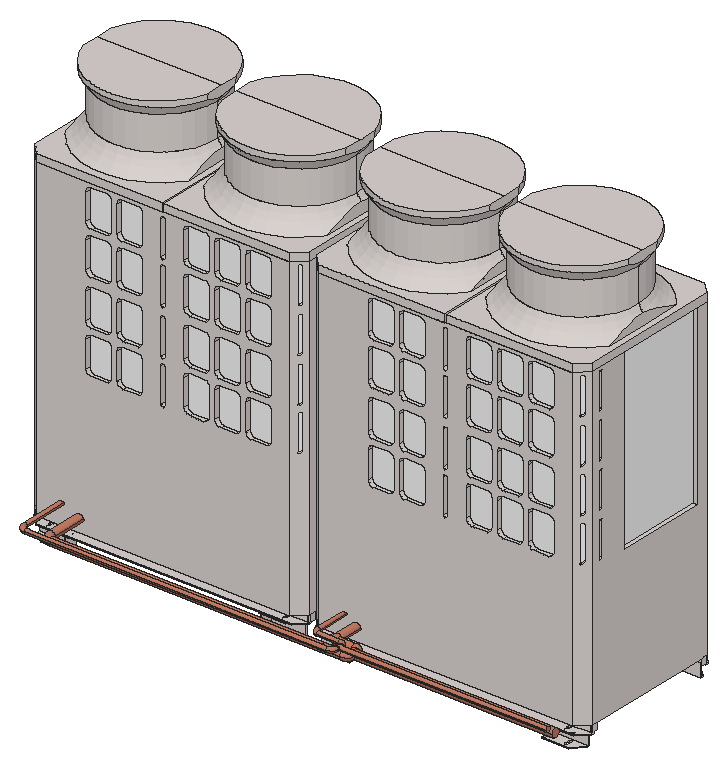
Revit family "PUHY-P750YSNW-A1", category Mechanical Equipment, Revit 2016 (continued)
Definition of nested family "PUHY-P400YNW-A1"
  Dimensions and locks
    cut or joined group 1 (Extrusion 1, Extrusion 2, Extrusion 3, Extrusion 4, Extrusion 5, Extrusion 6, Extrusion 7, Extrusion 8, Extrusion 9, Extrusion 10, Extrusion 11, Extrusion 12, Extrusion 13, Extrusion 14, Extrusion 15, Extrusion 16, Extrusion 17, Extrusion 18, Extrusion 19, Extrusion 20, Extrusion 21, Extrusion 22, Extrusion 23, Extrusion 24, Extrusion 25, Extrusion 26, Extrusion 27, Extrusion 28, Extrusion 29, Extrusion 30, Extrusion 31, Extrusion 32, Extrusion 33) to plane 12 to cut or joined group 1 = 805.000 mm, 621.000 mm
    plane 5 to plane 2 = 1858.000 mm  (x2)
    cut or joined group 1 to plane 19 "132" = 132.000 mm
    cut or joined group 1 to plane 22 = 207.000 mm
    cut or joined group 1 to plane 23 = 256.000 mm
    cut or joined group 1 to plane 6 = 60.000 mm
    cut or joined group 1 to cut or joined group 1 = 42.154 mm
    cut or joined group 1 to cut or joined group 1 = 11.895 mm
    nested 1 to nested 3 to level = 1798.000 mm, 60.000 mm
    nested 1 to nested 1 = 303.000 mm
    nested 1 to nested 3 = 1495.000 mm
    nested 8 to nested 8 to nested 8 to nested 7 to nested 7 to nested 7 = 54.000 mm, 20.000 mm, 592.000 mm, 20.000 mm, 54.000 mm
    nested 3 to nested 3 = 56.000 mm
    plane 11 to plane 31 to plane 32 to cut or joined group 1 = 90.000 mm, 1060.000 mm, 90.000 mm
    curve 103 to nested 7 = 90.000 mm
    curve 104 to nested 7 = 125.000 mm
    curve 101 to nested 7 = 100.000 mm
    curve 11 to curve 13 to nested 7 = 84.000 mm, 71.000 mm
    cut or joined group 1 to curve 12 to curve 14 = 125.000 mm, 148.000 mm
    nested 2 to nested 7 = 1495.000 mm
    curve 87 to cut or joined group 1 = 152.000 mm
    curve 88 to cut or joined group 1 = 172.000 mm
    curve 89 to cut or joined group 1 = 216.000 mm
    cut or joined group 1 to curve 4 to curve 2 = 128.000 mm, 150.000 mm
    cut or joined group 1 to curve 1 to curve 3 = 79.000 mm, 94.000 mm
    Extrusion 32 sketch curve to nested 7 = 116.000 mm
    cut or joined group 1 to Extrusion 32 sketch curve = 160.000 mm
    cut or joined group 1 to Extrusion 33 sketch curve = 243.000 mm
    Extrusion 33 sketch curve to nested 7 = 116.000 mm
    aligned and locked: level to plane 2
    aligned and locked: Extrusion 1 to plane 4
  Nested families
    nested 1: "FAN GUARD" at (-311.5, 2, 860), type "FAN GUARD"
      with WIDTH 870.000 mm
    nested 2: "FAN GUARD" at (311.5, 2, 860) x (-1, 0, 0) z (0, 0, 1), type "FAN GUARD"
      with WIDTH 870.000 mm
    nested 3: "ATTACHMENT LEG" at (-524, -349, 0), type "ATTACHMENT LEG"
    nested 4: "ATTACHMENT LEG" at (-524, 349, 0), type "ATTACHMENT LEG"
    nested 5: "ATTACHMENT LEG" at (524, -349, 0) x (-1, 0, 0) z (0, 0, 1), type "ATTACHMENT LEG"
    nested 6: "ATTACHMENT LEG" at (524, 349, 0) x (-1, 0, 0) z (0, 0, 1), type "ATTACHMENT LEG"
    nested 7: "BASE LEG_L_" at (0, -352, 60), type "BASE LEG_L_"
      with Width 1240.000 mm
    nested 8: "BASE LEG_L_" at (0, 352, 60), type "BASE LEG_L_"
      with Width 1240.000 mm
  Connectors
    piping at (-460, -191, 176), diameter 25.4, driven by "Liquid pipe_radius"
      settings: on cut or joined group 1, index 3, connector inside diameter 25.4 mm, connector length 0.000 mm, flow factor 0, pipe flow 0.0 L/s, pressure drop 0.0 Pa, fitting loss kfactor 0, connector angle 0.00°, fixture units 0, engagement length 0.000 mm, angle of deflection 0.00°, flow configuration 0, flow direction 0, fitting loss method 0, system type 22, joint type 0, gender type 0, connector reference index -1, connector utility 0, adjustable connector no, is connector primary yes, connector description "Refrigerant service valve<Liquid pipe>"
    piping at (-377, -191, 176), diameter 28.58, driven by "Gas pipe_radius"
      settings: on cut or joined group 1, index 4, connector inside diameter 28.58 mm, connector length 0.000 mm, flow factor 0, pipe flow 0.0 L/s, pressure drop 0.0 Pa, fitting loss kfactor 0, connector angle 0.00°, fixture units 0, engagement length 0.000 mm, angle of deflection 0.00°, flow configuration 0, flow direction 0, fitting loss method 0, system type 22, joint type 0, gender type 0, connector reference index -1, connector utility 0, adjustable connector no, is connector primary no, connector description "Refrigerant service valve<Gas>"
    electrical at (0, -370, 808)
      settings: on cut or joined group 1, index 5, voltage 0 V, apparent load 0 VA, apparent load phase1 0 VA, apparent load phase2 0 VA, apparent load phase3 0 VA, power factor 1, load classification none, number of poles 1, system type 30, power factor state 1, is connector primary yes, connector utility no, sub classification motor no, connector description ""
  Definition of nested family "FAN GUARD"
    Parameters
      WIDTH [instance] = 870.000 mm
    Reference planes
      plane 1 "中心(正面/背面)": y = -2
      plane 2: z = 0
      plane 3 "ファンガード基準面": z = 661
      plane 4: y = 368
      plane 5: x = 366
      plane 6: x = -375
      plane 7 "ファンガード基準上面": z = 695
      plane 8 "ファンガード上面": z = 998
      plane 9: x = -273.971
      plane 10: x = 308.5
      plane 11: x = -308.5
      plane 12: x = 0
    Forms (mm)
      Extrusion 1, solid
        sketch origin (85, 0, 661) x (-1, 0, 0) y (0, -1, 0)
          loop
            line (343.5, -368) -> (393.5, -318) -> (393.5, 322) -> (343.5, 372) -> (-223.5, 372) -> (-223.5, -368) -> (343.5, -368)
        from 0 to 34
      Revolve 2, solid
        sketch origin (0, -2, 0) x (1, 0, 0) y (0, 0, 1)
          loop
            line (0, 695) -> (0, 998) -> (-290, 998) -> (-290, 972.327) -> (-260, 928.372) -> (-260, 777.384)
            arc (-260, 777.384) -> (-290.651, 730.137) -> (-334.665, 695) r 175.882
            line (-334.665, 695) -> (0, 695)
          axis (0, 998) -> (0, 695)
        angle from 0 to 360
      Extrusion 3, void
        sketch origin (-840, 75, 695) x (-1, 0, 0) y (0, -1, 0)
          loop
            line (-410, -165) -> (-410, 315) -> (-561.253, 315) -> (-561.253, -165) -> (-410, -165)
        from -35 to 430.592
      Extrusion 4, void
        sketch origin (840, 75, 695) x (1, 0, 0) y (0, 1, 0)
          loop
            line (-410, 165) -> (-561.253, 165) -> (-561.253, -315) -> (-410, -315) -> (-410, 165)
        from 0 to 430.592
    Cuts and joins
      Extrusion 3, Extrusion 4 cuts Revolve 2
      Extrusion 4 cuts Extrusion 1
    Lines and regions (mm)
      model lines
        curve 1: line (-278.747, 0, 998) -> (-80, 0, 998)
        curve 2: line (80, 0, 998) -> (278.747, 0, 998)
        curve 3: circle (0, 0, 998) r 80 normal (0, 0, 1)
        curve 4: line (-278.747, -80, 998) -> (278.747, -80, 998)
        curve 5: line (-241.868, -160, 998) -> (241.868, -160, 998)
        curve 6: line (-162.788, -240, 998) -> (162.788, -240, 998)
        curve 7: line (-278.747, 80, 998) -> (278.747, 80, 998)
        curve 8: line (-241.868, 160, 998) -> (240, 160, 998)
        curve 9: line (-160, 240, 998) -> (162.788, 240, 998)
        curve 10: line (0, 290, 998) -> (0, -290, 998)
        curve 11: line (-20, 289.31, 998) -> (-20, -289.31, 998)
        curve 12: line (-40, 287.228, 998) -> (-40, -287.228, 998)
        curve 13: line (-60, 283.725, 998) -> (-60, -283.725, 998)
        curve 14: line (-80, 278.747, 998) -> (-80, -278.747, 998)
        curve 15: line (20, 289.31, 998) -> (20, -289.31, 998)
        curve 16: line (40, 287.228, 998) -> (40, -287.228, 998)
        curve 17: line (60, 283.725, 998) -> (60, -283.725, 998)
        curve 18: line (80, 278.747, 998) -> (80, -278.747, 998)
        curve 19: line (100, 272.213, 998) -> (100, -272.213, 998)
        curve 20: line (120, 264.008, 998) -> (120, -264.008, 998)
        curve 21: line (140, 253.969, 998) -> (140, -253.969, 998)
        curve 22: line (160, 241.868, 998) -> (160, -243.132, 998)
        curve 23: line (180, 227.376, 998) -> (180, -227.624, 998)
        curve 24: line (200, 210, 998) -> (200, -210, 998)
        curve 25: line (220, 188.944, 998) -> (220, -188.944, 998)
        curve 26: line (240, 160, 998) -> (240, -162.788, 998)
        curve 27: line (260, 128.452, 998) -> (260, -128.452, 998)
        curve 28: line (-100, 272.213, 998) -> (-100, -272.213, 998)
        curve 29: line (-120, 264.008, 998) -> (-120, -264.008, 998)
        curve 30: line (-140, 253.969, 998) -> (-140, -253.969, 998)
        curve 31: line (-160, 240, 998) -> (-160, -241.868, 998)
        curve 32: line (-180, 227.376, 998) -> (-180, -227.376, 998)
        curve 33: line (-200, 210, 998) -> (-200, -210, 998)
        curve 34: line (-220, 188.944, 998) -> (-220, -188.944, 998)
        curve 35: line (-240, 162.788, 998) -> (-240, -162.788, 998)
        curve 36: line (-260, 128.452, 998) -> (-260, -128.452, 998)
        curve 37: line (10, 79.373, 998) -> (10, -79.373, 998)
        curve 38: line (-10, 79.373, 998) -> (-10, -79.373, 998)
        curve 39: line (30, 74.162, 998) -> (30, -74.162, 998)
        curve 40: line (50, 62.45, 998) -> (50, -62.45, 998)
        curve 41: line (70, 38.73, 998) -> (70, -38.73, 998)
        curve 42: line (-30, 74.162, 998) -> (-30, -74.162, 998)
        curve 43: line (-50, 62.45, 998) -> (-50, -62.45, 998)
        curve 44: line (-70, 38.73, 998) -> (-70, -38.73, 998)
    Dimensions and locks
      locked: plane 8 "ファンガード上面" to plane 7 "ファンガード基準上面" at 303
      plane 8 "ファンガード上面" to plane 3 "ファンガード基準面" = 337.000 mm
      Revolve 2 sketch curve to Revolve 2 sketch curve = 290.000 mm
      Extrusion 1 sketch curve to Extrusion 1 sketch curve = 740.000 mm
      equal spacing: Extrusion 1 sketch curve, plane 1 "中心(正面/背面)", Extrusion 1 sketch curve
      plane 6 to plane 5 = 741.000 mm
      Extrusion 1 sketch curve to Extrusion 1 sketch curve = 617.000 mm
      plane 11 to plane 10 = 617.000 mm
      cut or joined group of Extrusion 1, Extrusion 4 to cut or joined group of Extrusion 1, Extrusion 4 = 617.000 mm
      cut or joined group of Extrusion 1, Extrusion 4 to cut or joined group of Extrusion 1, Extrusion 4 = 740.000 mm
      aligned and locked: level to plane 2
      aligned and locked: plane 7 "ファンガード基準上面" to Extrusion 1
      aligned and locked: plane 3 "ファンガード基準面" to Extrusion 1
      aligned and locked: cut or joined group of Revolve 2, Extrusion 3, Extrusion 4 to plane 8 "ファンガード上面"
  Definition of nested family "ATTACHMENT LEG"
    Parameters
      Width = 145.000 mm
    Reference planes
      plane 1: z = 0
      plane 2 "中心(左/右)": x = -6
      plane 3: x = -52
      plane 4: x = 85
      plane 5: x = 93
      plane 6: y = -21
      plane 7: y = 27
      plane 8: x = -30
      plane 9: y = 39
      plane 10: z = 60
      plane 11: z = 57
      plane 12: z = 3
      plane 13: x = 82
      plane 14: y = 36
      plane 15: x = -75
      plane 16: y = 31
      plane 17 "幅": x = 93
      plane 18: y = 2.5
      plane 19: y = 21
      plane 20: y = -10
    Forms (mm)
      Extrusion 1, solid
        sketch origin (0, -1, 0) x (1, 0, 0) y (0, 1, 0)
          loop
            line (-75, 36) -> (-75, 27) -> (-28, -20) -> (93, -20) -> (93, 32) -> (85, 32) -> (85, 36) -> (-75, 36)
        from 0 to 60
      Extrusion 2, void
        sketch origin (0, -3, 0) x (1, 0, 0) y (0, 0, 1)
          loop
            line (-75, 57) -> (-75, 3) -> (82, 3) -> (82, 57) -> (-75, 57)
          loop
            line (93, 57) -> (85, 57) -> (85, 3) -> (93, 3) -> (93, 57)
        from -35 to 18
      Extrusion 3, void
        sketch origin (-6, 5.5, 0) x (1, 0, 0) y (0, 1, 0)
          loop
            arc (-7, -8.5) -> (0, -15.5) -> (7, -8.5) r 7
            line (7, -8.5) -> (7, 8.5)
            arc (7, 8.5) -> (0, 15.5) -> (-7, 8.5) r 7
            line (-7, 8.5) -> (-7, -8.5)
        from 0 to 60
    Cuts and joins
      Extrusion 2, Extrusion 3 cuts Extrusion 1
    Dimensions and locks
      locked: plane 3 to plane 4 at 137
      locked: plane 3 to plane 5 at 145
      plane 6 to plane 7 = 48.000 mm
      locked: plane 10 to level at 60
      Extrusion 3 sketch curve to plane 2 "中心(左/右)" = 7.000 mm
      locked: plane 15 to plane 2 "中心(左/右)" at 69
      locked: plane 15 to plane 8 at 45
      locked: plane 6 to plane 18 at 23.5
      cut or joined group of Extrusion 1, Extrusion 2, Extrusion 3 to cut or joined group of Extrusion 1, Extrusion 2, Extrusion 3 = 168.000 mm
      cut or joined group of Extrusion 1, Extrusion 2, Extrusion 3 to cut or joined group of Extrusion 1, Extrusion 2, Extrusion 3 = 56.000 mm  (x2)
      plane 14 to plane 6 = 57.000 mm
      aligned and locked: level to plane 1
      aligned and locked: Extrusion 1 sketch curve to plane 4
      aligned and locked: Extrusion 1 sketch curve to plane 5
      aligned: plane 8 to Extrusion 1 sketch curve
      aligned and locked: plane 10 to Extrusion 1
      aligned and locked: Extrusion 2 sketch curve to plane 11
      aligned: plane 3 to Extrusion 2 sketch curve
      aligned and locked: plane 12 to Extrusion 2 sketch curve
      aligned and locked: Extrusion 2 sketch curve to plane 13
      aligned and locked: plane 6 to Extrusion 2
      aligned and locked: plane 11 to Extrusion 2 sketch curve
      aligned and locked: plane 5 to Extrusion 2 sketch curve
      aligned and locked: Extrusion 2 sketch curve to plane 12
      aligned and locked: Extrusion 2 sketch curve to plane 4
      aligned and locked: plane 15 to Extrusion 1 sketch curve
      aligned and locked: Extrusion 2 sketch curve to cut or joined group of Extrusion 1, Extrusion 2, Extrusion 3
      aligned and locked: Extrusion 1 to plane 16
  Definition of nested family "BASE LEG_L_"
    Parameters
      Width [instance] = 1240.000 mm
    Reference planes
      plane 1 "中心(正面/背面)": y = 0
      plane 2: z = 0
      plane 3 "中心(左/右)": x = 0
      plane 4: x = 620
      plane 5: x = -620
      plane 6: x = -530
      plane 7: x = 530
      plane 8: y = -18
      plane 9: y = 39
      plane 10: z = 53
      plane 11: y = 42
      plane 12: y = 27
      plane 13: x = 575
      plane 14: x = -575
      plane 15: z = 8
      plane 16: y = 11.5
      plane 17: z = 35
    Forms (mm)
      Extrusion 1, solid
        sketch origin (0, 0, 0) x (0, 1, 0) y (0, 0, 1)
          loop
            line (-18, 0) -> (36, 0) -> (36, 32) -> (56, 32) -> (56, 35) -> (33, 35) -> (33, 3) -> (-18, 3) -> (-18, 0)
        from -620 to 620
      Extrusion 2, void
        sketch origin (0, 0, 0) x (1, 0, 0) y (0, 1, 0)
          loop
            line (575, -18) -> (620, -18) -> (620, 27) -> (575, -18)
          loop
            line (-575, -18) -> (-620, 27) -> (-620, -18) -> (-575, -18)
        from 0 to 250
      Extrusion 3, void
        sketch origin (0, 12.023, 0) x (1, 0, 0) y (0, 1, 0)
          loop
            arc (523, -2.971) -> (530, -9.971) -> (537, -2.971) r 7
            line (537, -2.971) -> (537, 3.023)
            arc (537, 3.023) -> (530, 10.023) -> (523, 3.023) r 7
            line (523, 3.023) -> (523, -2.971)
          loop
            line (-523, -2.971) -> (-523, 3.023)
            arc (-523, 3.023) -> (-530, 10.023) -> (-537, 3.023) r 7
            line (-537, 3.023) -> (-537, -2.971)
            arc (-537, -2.971) -> (-530, -9.971) -> (-523, -2.971) r 7
        from 0 to 250
      Extrusion 4, solid
        sketch origin (0, 0, -3) x (1, 0, 0) y (0, 0, 1)
          loop
            line (617, 8) -> (620, 8) -> (620, 35) -> (617, 35) -> (617, 8)
          loop
            line (-617, 8) -> (-617, 35) -> (-620, 35) -> (-620, 8) -> (-617, 8)
        from -36 to -56
      Extrusion 5, solid
        sketch origin (150, 352, 0) x (1, 0, 0) y (0, 1, 0)
          loop
            line (460, -319) -> (455, -319) -> (455, -320) -> (405, -370) -> (410, -370) -> (460, -320) -> (460, -319)
        from 3 to 35
      Extrusion 6, void
        sketch origin (560, -18, 0) x (0.707107, 0.707107, 0) y (0, 0, 1)
          loop
            line (70.711, 3) -> (-6.741, 39.767) -> (-6.741, 3) -> (70.711, 3)
        from -190.256 to 23.776
      Extrusion 7, solid
        sketch origin (-150, 352, 0) x (-1, 0, 0) y (0, -1, 0)
          loop
            line (460, 319) -> (460, 320) -> (410, 370) -> (405, 370) -> (455, 320) -> (455, 319) -> (460, 319)
        from 3 to 35
      Extrusion 8, void
        sketch origin (-560, -18, 0) x (0.707107, -0.707107, 0) y (0, 0, -1)
          loop
            line (-70.711, -3) -> (0, -35) -> (6.741, -35) -> (6.741, -3) -> (-70.711, -3)
        from -190.256 to 23.776
    Cuts and joins
      Extrusion 2, Extrusion 3 cuts Extrusion 1
      joined: Extrusion 1, Extrusion 4
      Extrusion 8 cuts Extrusion 7
      Extrusion 6 cuts Extrusion 5
    Dimensions and locks
      "Width": plane 5 to plane 4
      equal spacing: plane 5, plane 3 "中心(左/右)", plane 4
      locked: plane 5 to plane 6 at 90
      locked: plane 7 to plane 4 at 90
      locked: plane 8 to plane 9 at 57
      locked: plane 10 to level at 53
      locked: plane 9 to plane 11 at 3
      plane 8 to plane 12 = 45.000 mm
      locked: plane 13 to plane 4 at 45
      locked: plane 5 to plane 14 at 45
      equal spacing: Extrusion 3 sketch curve, plane 7, Extrusion 3 sketch curve
      equal spacing: Extrusion 3 sketch curve, plane 6, Extrusion 3 sketch curve
      locked: plane 10 to plane 15 at 45
      locked: cut or joined group of Extrusion 1, Extrusion 2, Extrusion 3, Extrusion 4 to Extrusion 4 sketch curve at 3  (x2)
      locked: plane 8 to plane 16 at 29.5
      plane 8 to plane 11 = 60.000 mm
      cut or joined group of Extrusion 1, Extrusion 2, Extrusion 3, Extrusion 4 to cut or joined group of Extrusion 1, Extrusion 2, Extrusion 3, Extrusion 4 = 35.000 mm
      aligned and locked: level to plane 2
      aligned and locked: plane 8 to Extrusion 1 sketch curve
      aligned and locked: plane 4 to Extrusion 1
      aligned and locked: Extrusion 1 to plane 5
      aligned and locked: Extrusion 2 sketch curve to plane 4
      aligned and locked: Extrusion 2 sketch curve to plane 8
      aligned and locked: plane 12 to Extrusion 2 sketch curve
      aligned and locked: plane 13 to Extrusion 2 sketch curve
      aligned and locked: plane 4 to Extrusion 4 sketch curve
      aligned and locked: plane 5 to Extrusion 4 sketch curve
      aligned and locked: cut or joined group of Extrusion 7, Extrusion 8 to cut or joined group of Extrusion 1, Extrusion 2, Extrusion 3, Extrusion 4
    Automatic sketch dimensions
      Extrusion 3 sketch curve to plane 1 "中心(正面/背面)" = 9.052 mm  (x2)
      Extrusion 3 sketch curve to plane 7 = 7.000 mm
      Extrusion 3 sketch curve to plane 1 "中心(正面/背面)" = 15.046 mm  (x2)
      Extrusion 3 sketch curve to plane 6 = 7.000 mm
      Extrusion 2 sketch curve to plane 5 = 0.000 mm
      plane 8 to Extrusion 2 sketch curve = 0.000 mm
      Extrusion 2 sketch curve to plane 14 = 0.000 mm
      plane 12 to Extrusion 2 sketch curve = 0.000 mm
      Extrusion 4 sketch curve to plane 10 = 21.000 mm
      plane 7 to Extrusion 5 sketch curve = 25.000 mm
      Extrusion 5 sketch curve to Extrusion 5 sketch curve = 5.000 mm  (x2)
      plane 7 to Extrusion 5 sketch curve = 75.000 mm
      plane 8 to Extrusion 5 sketch curve = 0.000 mm
      Extrusion 5 sketch curve to Extrusion 5 sketch curve = 50.000 mm
      Extrusion 5 sketch curve to Extrusion 5 sketch curve = 0.000 mm
      Extrusion 5 sketch curve to Extrusion 5 sketch curve = 1.000 mm
      Extrusion 6 sketch curve to Extrusion 5 = 0.000 mm  (x2)
      Extrusion 6 sketch curve to Extrusion 5 = 6.741 mm
      Extrusion 6 sketch curve to Extrusion 5 = 4.767 mm
      plane 6 to Extrusion 7 sketch curve = 25.000 mm
      Extrusion 7 sketch curve to Extrusion 7 sketch curve = 5.000 mm  (x2)
      Extrusion 7 sketch curve to Extrusion 7 sketch curve = 45.000 mm
      Extrusion 7 sketch curve to plane 8 = 0.000 mm
      Extrusion 7 sketch curve to Extrusion 7 sketch curve = 50.000 mm
      Extrusion 7 sketch curve to Extrusion 7 sketch curve = 0.000 mm
      Extrusion 7 sketch curve to Extrusion 7 sketch curve = 1.000 mm
      Extrusion 8 sketch curve to Extrusion 7 = 0.000 mm  (x2)
      Extrusion 7 to Extrusion 8 sketch curve = 0.000 mm  (x2)
      Extrusion 7 to Extrusion 8 sketch curve = 6.741 mm
      Extrusion 4 sketch curve to plane 17 = 3.000 mm
      Extrusion 4 sketch curve to plane 15 = 3.000 mm  (x2)
      Extrusion 1 sketch curve to plane 17 = 0.000 mm
      Extrusion 1 sketch curve to level = 0.000 mm
      level to Extrusion 1 sketch curve = 3.000 mm
      plane 9 to Extrusion 1 sketch curve = 6.000 mm
      plane 9 to Extrusion 1 sketch curve = 3.000 mm
      Extrusion 1 sketch curve to plane 17 = 3.000 mm
      Extrusion 1 sketch curve to plane 11 = 14.000 mm
Definition of nested family "PUHY-P350YNW-A1"
  Parameters
    Model = "PUHY-P350YNW-A"
    URL = "http://www.mitsubishielectric.com/"
    Manufacturer = "Mitsubishi Electric Corporation"
    Liquid pipe_radius = 12.700 mm
    Gas pipe_radius = 14.290 mm
  Reference planes
    plane 1 "Center (Front/Back)": y = 0
    plane 2: z = 0
    plane 3 "Center (Left/Right)": x = 0
    plane 4: y = 370
    plane 5: z = 1858
    plane 6: y = -260
    plane 7: y = -204
    plane 8: y = -185
    plane 9: x = -620
    plane 10: x = 620
    plane 11: x = -620
    plane 12: z = 716
    plane 13: x = -524
    plane 14: z = 669
    plane 15: x = -50.5
    plane 16: x = 51
    plane 17: x = 489
    plane 18: x = 467
    plane 19 "132": x = 488
    plane 20 "100": z = 160
    plane 21: z = 185
    plane 22: x = 413
    plane 23: x = 364
    plane 24: z = 150
    plane 25: x = -287.25
    plane 26: x = -137.25
    plane 27: x = -272.25
    plane 28: y = -278
    plane 29: z = 1509
    plane 30: y = -370
    plane 31: x = -530
    plane 32: x = 530
    plane 33 "179": y = -191
  Forms (mm)
    Extrusion 1, solid
      sketch origin (-1, 0, 113) x (-1, 0, 0) y (0, -1, 0)
        loop
          line (569, -370) -> (619, -320) -> (619, 320) -> (569, 370) -> (-571, 370) -> (-621, 320) -> (-621, -320) -> (-571, -370) -> (569, -370)
      from -18 to 1408
    Extrusion 2, void
      sketch origin (524, -370, 113) x (1, 0, 0) y (0, 0, -1)
        loop
          arc (-60.8, -1393.5) -> (-42.557, -1385.943) -> (-35, -1367.7) r 25.8
          line (-35, -1367.7) -> (-35, -1248.5)
          arc (-35, -1248.5) -> (-42.557, -1230.257) -> (-60.8, -1222.7) r 25.8
          line (-60.8, -1222.7) -> (-126, -1222.7)
          arc (-126, -1222.7) -> (-144.243, -1230.257) -> (-151.8, -1248.5) r 25.8
          line (-151.8, -1248.5) -> (-151.8, -1367.7)
          arc (-151.8, -1367.7) -> (-144.243, -1385.943) -> (-126, -1393.5) r 25.8
          line (-126, -1393.5) -> (-60.8, -1393.5)
      from 0 to 20
    Extrusion 3, void
      sketch origin (524, -370, -81) x (1, 0, 0) y (0, 0, -1)
        loop
          arc (-60.8, -1393.5) -> (-42.557, -1385.943) -> (-35, -1367.7) r 25.8
          line (-35, -1367.7) -> (-35, -1248.5)
          arc (-35, -1248.5) -> (-42.557, -1230.257) -> (-60.8, -1222.7) r 25.8
          line (-60.8, -1222.7) -> (-126, -1222.7)
          arc (-126, -1222.7) -> (-144.243, -1230.257) -> (-151.8, -1248.5) r 25.8
          line (-151.8, -1248.5) -> (-151.8, -1367.7)
          arc (-151.8, -1367.7) -> (-144.243, -1385.943) -> (-126, -1393.5) r 25.8
          line (-126, -1393.5) -> (-60.8, -1393.5)
      from 0 to 20
    Extrusion 4, void
      sketch origin (524, -370, -287) x (1, 0, 0) y (0, 0, -1)
        loop
          arc (-60.8, -1393.5) -> (-42.557, -1385.943) -> (-35, -1367.7) r 25.8
          line (-35, -1367.7) -> (-35, -1248.5)
          arc (-35, -1248.5) -> (-42.557, -1230.257) -> (-60.8, -1222.7) r 25.8
          line (-60.8, -1222.7) -> (-126, -1222.7)
          arc (-126, -1222.7) -> (-144.243, -1230.257) -> (-151.8, -1248.5) r 25.8
          line (-151.8, -1248.5) -> (-151.8, -1367.7)
          arc (-151.8, -1367.7) -> (-144.243, -1385.943) -> (-126, -1393.5) r 25.8
          line (-126, -1393.5) -> (-60.8, -1393.5)
      from 0 to 20
    Extrusion 5, void
      sketch origin (524, -370, -481) x (1, 0, 0) y (0, 0, -1)
        loop
          arc (-60.8, -1393.5) -> (-42.557, -1385.943) -> (-35, -1367.7) r 25.8
          line (-35, -1367.7) -> (-35, -1248.5)
          arc (-35, -1248.5) -> (-42.557, -1230.257) -> (-60.8, -1222.7) r 25.8
          line (-60.8, -1222.7) -> (-126, -1222.7)
          arc (-126, -1222.7) -> (-144.243, -1230.257) -> (-151.8, -1248.5) r 25.8
          line (-151.8, -1248.5) -> (-151.8, -1367.7)
          arc (-151.8, -1367.7) -> (-144.243, -1385.943) -> (-126, -1393.5) r 25.8
          line (-126, -1393.5) -> (-60.8, -1393.5)
      from 0 to 20
    Extrusion 6, void
      sketch origin (384, -370, 113) x (1, 0, 0) y (0, 0, -1)
        loop
          arc (-60.8, -1393.5) -> (-42.557, -1385.943) -> (-35, -1367.7) r 25.8
          line (-35, -1367.7) -> (-35, -1248.5)
          arc (-35, -1248.5) -> (-42.557, -1230.257) -> (-60.8, -1222.7) r 25.8
          line (-60.8, -1222.7) -> (-126, -1222.7)
          arc (-126, -1222.7) -> (-144.243, -1230.257) -> (-151.8, -1248.5) r 25.8
          line (-151.8, -1248.5) -> (-151.8, -1367.7)
          arc (-151.8, -1367.7) -> (-144.243, -1385.943) -> (-126, -1393.5) r 25.8
          line (-126, -1393.5) -> (-60.8, -1393.5)
      from 0 to 20
    Extrusion 7, void
      sketch origin (384, -370, -81) x (1, 0, 0) y (0, 0, -1)
        loop
          arc (-60.8, -1393.5) -> (-42.557, -1385.943) -> (-35, -1367.7) r 25.8
          line (-35, -1367.7) -> (-35, -1248.5)
          arc (-35, -1248.5) -> (-42.557, -1230.257) -> (-60.8, -1222.7) r 25.8
          line (-60.8, -1222.7) -> (-126, -1222.7)
          arc (-126, -1222.7) -> (-144.243, -1230.257) -> (-151.8, -1248.5) r 25.8
          line (-151.8, -1248.5) -> (-151.8, -1367.7)
          arc (-151.8, -1367.7) -> (-144.243, -1385.943) -> (-126, -1393.5) r 25.8
          line (-126, -1393.5) -> (-60.8, -1393.5)
      from 0 to 20
    Extrusion 8, void
      sketch origin (384, -370, -287) x (1, 0, 0) y (0, 0, -1)
        loop
          arc (-60.8, -1393.5) -> (-42.557, -1385.943) -> (-35, -1367.7) r 25.8
          line (-35, -1367.7) -> (-35, -1248.5)
          arc (-35, -1248.5) -> (-42.557, -1230.257) -> (-60.8, -1222.7) r 25.8
          line (-60.8, -1222.7) -> (-126, -1222.7)
          arc (-126, -1222.7) -> (-144.243, -1230.257) -> (-151.8, -1248.5) r 25.8
          line (-151.8, -1248.5) -> (-151.8, -1367.7)
          arc (-151.8, -1367.7) -> (-144.243, -1385.943) -> (-126, -1393.5) r 25.8
          line (-126, -1393.5) -> (-60.8, -1393.5)
      from 0 to 20
    Extrusion 9, void
      sketch origin (384, -370, -481) x (1, 0, 0) y (0, 0, -1)
        loop
          arc (-60.8, -1393.5) -> (-42.557, -1385.943) -> (-35, -1367.7) r 25.8
          line (-35, -1367.7) -> (-35, -1248.5)
          arc (-35, -1248.5) -> (-42.557, -1230.257) -> (-60.8, -1222.7) r 25.8
          line (-60.8, -1222.7) -> (-126, -1222.7)
          arc (-126, -1222.7) -> (-144.243, -1230.257) -> (-151.8, -1248.5) r 25.8
          line (-151.8, -1248.5) -> (-151.8, -1367.7)
          arc (-151.8, -1367.7) -> (-144.243, -1385.943) -> (-126, -1393.5) r 25.8
          line (-126, -1393.5) -> (-60.8, -1393.5)
      from 0 to 20
    Extrusion 10, void
      sketch origin (244, -370, 113) x (1, 0, 0) y (0, 0, -1)
        loop
          arc (-60.8, -1393.5) -> (-42.557, -1385.943) -> (-35, -1367.7) r 25.8
          line (-35, -1367.7) -> (-35, -1248.5)
          arc (-35, -1248.5) -> (-42.557, -1230.257) -> (-60.8, -1222.7) r 25.8
          line (-60.8, -1222.7) -> (-126, -1222.7)
          arc (-126, -1222.7) -> (-144.243, -1230.257) -> (-151.8, -1248.5) r 25.8
          line (-151.8, -1248.5) -> (-151.8, -1367.7)
          arc (-151.8, -1367.7) -> (-144.243, -1385.943) -> (-126, -1393.5) r 25.8
          line (-126, -1393.5) -> (-60.8, -1393.5)
      from 0 to 20
    Extrusion 11, void
      sketch origin (244, -370, -81) x (1, 0, 0) y (0, 0, -1)
        loop
          arc (-60.8, -1393.5) -> (-42.557, -1385.943) -> (-35, -1367.7) r 25.8
          line (-35, -1367.7) -> (-35, -1248.5)
          arc (-35, -1248.5) -> (-42.557, -1230.257) -> (-60.8, -1222.7) r 25.8
          line (-60.8, -1222.7) -> (-126, -1222.7)
          arc (-126, -1222.7) -> (-144.243, -1230.257) -> (-151.8, -1248.5) r 25.8
          line (-151.8, -1248.5) -> (-151.8, -1367.7)
          arc (-151.8, -1367.7) -> (-144.243, -1385.943) -> (-126, -1393.5) r 25.8
          line (-126, -1393.5) -> (-60.8, -1393.5)
      from 0 to 20
    Extrusion 12, void
      sketch origin (244, -370, -287) x (1, 0, 0) y (0, 0, -1)
        loop
          arc (-60.8, -1393.5) -> (-42.557, -1385.943) -> (-35, -1367.7) r 25.8
          line (-35, -1367.7) -> (-35, -1248.5)
          arc (-35, -1248.5) -> (-42.557, -1230.257) -> (-60.8, -1222.7) r 25.8
          line (-60.8, -1222.7) -> (-126, -1222.7)
          arc (-126, -1222.7) -> (-144.243, -1230.257) -> (-151.8, -1248.5) r 25.8
          line (-151.8, -1248.5) -> (-151.8, -1367.7)
          arc (-151.8, -1367.7) -> (-144.243, -1385.943) -> (-126, -1393.5) r 25.8
          line (-126, -1393.5) -> (-60.8, -1393.5)
      from 0 to 20
    Extrusion 13, void
      sketch origin (244, -370, -481) x (1, 0, 0) y (0, 0, -1)
        loop
          arc (-60.8, -1393.5) -> (-42.557, -1385.943) -> (-35, -1367.7) r 25.8
          line (-35, -1367.7) -> (-35, -1248.5)
          arc (-35, -1248.5) -> (-42.557, -1230.257) -> (-60.8, -1222.7) r 25.8
          line (-60.8, -1222.7) -> (-126, -1222.7)
          arc (-126, -1222.7) -> (-144.243, -1230.257) -> (-151.8, -1248.5) r 25.8
          line (-151.8, -1248.5) -> (-151.8, -1367.7)
          arc (-151.8, -1367.7) -> (-144.243, -1385.943) -> (-126, -1393.5) r 25.8
          line (-126, -1393.5) -> (-60.8, -1393.5)
      from 0 to 20
    Extrusion 14, void
      sketch origin (-56, -370, 113) x (1, 0, 0) y (0, 0, -1)
        loop
          arc (-60.8, -1393.5) -> (-42.557, -1385.943) -> (-35, -1367.7) r 25.8
          line (-35, -1367.7) -> (-35, -1248.5)
          arc (-35, -1248.5) -> (-42.557, -1230.257) -> (-60.8, -1222.7) r 25.8
          line (-60.8, -1222.7) -> (-126, -1222.7)
          arc (-126, -1222.7) -> (-144.243, -1230.257) -> (-151.8, -1248.5) r 25.8
          line (-151.8, -1248.5) -> (-151.8, -1367.7)
          arc (-151.8, -1367.7) -> (-144.243, -1385.943) -> (-126, -1393.5) r 25.8
          line (-126, -1393.5) -> (-60.8, -1393.5)
      from 0 to 20
    Extrusion 15, void
      sketch origin (-56, -370, -81) x (1, 0, 0) y (0, 0, -1)
        loop
          arc (-60.8, -1393.5) -> (-42.557, -1385.943) -> (-35, -1367.7) r 25.8
          line (-35, -1367.7) -> (-35, -1248.5)
          arc (-35, -1248.5) -> (-42.557, -1230.257) -> (-60.8, -1222.7) r 25.8
          line (-60.8, -1222.7) -> (-126, -1222.7)
          arc (-126, -1222.7) -> (-144.243, -1230.257) -> (-151.8, -1248.5) r 25.8
          line (-151.8, -1248.5) -> (-151.8, -1367.7)
          arc (-151.8, -1367.7) -> (-144.243, -1385.943) -> (-126, -1393.5) r 25.8
          line (-126, -1393.5) -> (-60.8, -1393.5)
      from 0 to 20
    Extrusion 16, void
      sketch origin (-56, -370, -287) x (1, 0, 0) y (0, 0, -1)
        loop
          arc (-60.8, -1393.5) -> (-42.557, -1385.943) -> (-35, -1367.7) r 25.8
          line (-35, -1367.7) -> (-35, -1248.5)
          arc (-35, -1248.5) -> (-42.557, -1230.257) -> (-60.8, -1222.7) r 25.8
          line (-60.8, -1222.7) -> (-126, -1222.7)
          arc (-126, -1222.7) -> (-144.243, -1230.257) -> (-151.8, -1248.5) r 25.8
          line (-151.8, -1248.5) -> (-151.8, -1367.7)
          arc (-151.8, -1367.7) -> (-144.243, -1385.943) -> (-126, -1393.5) r 25.8
          line (-126, -1393.5) -> (-60.8, -1393.5)
      from 0 to 20
    Extrusion 17, void
      sketch origin (-56, -370, -481) x (1, 0, 0) y (0, 0, -1)
        loop
          arc (-60.8, -1393.5) -> (-42.557, -1385.943) -> (-35, -1367.7) r 25.8
          line (-35, -1367.7) -> (-35, -1248.5)
          arc (-35, -1248.5) -> (-42.557, -1230.257) -> (-60.8, -1222.7) r 25.8
          line (-60.8, -1222.7) -> (-126, -1222.7)
          arc (-126, -1222.7) -> (-144.243, -1230.257) -> (-151.8, -1248.5) r 25.8
          line (-151.8, -1248.5) -> (-151.8, -1367.7)
          arc (-151.8, -1367.7) -> (-144.243, -1385.943) -> (-126, -1393.5) r 25.8
          line (-126, -1393.5) -> (-60.8, -1393.5)
      from 0 to 20
    Extrusion 18, void
      sketch origin (-196, -370, 113) x (1, 0, 0) y (0, 0, -1)
        loop
          arc (-60.8, -1393.5) -> (-42.557, -1385.943) -> (-35, -1367.7) r 25.8
          line (-35, -1367.7) -> (-35, -1248.5)
          arc (-35, -1248.5) -> (-42.557, -1230.257) -> (-60.8, -1222.7) r 25.8
          line (-60.8, -1222.7) -> (-126, -1222.7)
          arc (-126, -1222.7) -> (-144.243, -1230.257) -> (-151.8, -1248.5) r 25.8
          line (-151.8, -1248.5) -> (-151.8, -1367.7)
          arc (-151.8, -1367.7) -> (-144.243, -1385.943) -> (-126, -1393.5) r 25.8
          line (-126, -1393.5) -> (-60.8, -1393.5)
      from 0 to 20
    Extrusion 19, void
      sketch origin (-196, -370, -81) x (1, 0, 0) y (0, 0, -1)
        loop
          arc (-60.8, -1393.5) -> (-42.557, -1385.943) -> (-35, -1367.7) r 25.8
          line (-35, -1367.7) -> (-35, -1248.5)
          arc (-35, -1248.5) -> (-42.557, -1230.257) -> (-60.8, -1222.7) r 25.8
          line (-60.8, -1222.7) -> (-126, -1222.7)
          arc (-126, -1222.7) -> (-144.243, -1230.257) -> (-151.8, -1248.5) r 25.8
          line (-151.8, -1248.5) -> (-151.8, -1367.7)
          arc (-151.8, -1367.7) -> (-144.243, -1385.943) -> (-126, -1393.5) r 25.8
          line (-126, -1393.5) -> (-60.8, -1393.5)
      from 0 to 20
    Extrusion 20, void
      sketch origin (-196, -370, -287) x (1, 0, 0) y (0, 0, -1)
        loop
          arc (-60.8, -1393.5) -> (-42.557, -1385.943) -> (-35, -1367.7) r 25.8
          line (-35, -1367.7) -> (-35, -1248.5)
          arc (-35, -1248.5) -> (-42.557, -1230.257) -> (-60.8, -1222.7) r 25.8
          line (-60.8, -1222.7) -> (-126, -1222.7)
          arc (-126, -1222.7) -> (-144.243, -1230.257) -> (-151.8, -1248.5) r 25.8
          line (-151.8, -1248.5) -> (-151.8, -1367.7)
          arc (-151.8, -1367.7) -> (-144.243, -1385.943) -> (-126, -1393.5) r 25.8
          line (-126, -1393.5) -> (-60.8, -1393.5)
      from 0 to 20
    Extrusion 21, void
      sketch origin (-196, -370, -481) x (1, 0, 0) y (0, 0, -1)
        loop
          arc (-60.8, -1393.5) -> (-42.557, -1385.943) -> (-35, -1367.7) r 25.8
          line (-35, -1367.7) -> (-35, -1248.5)
          arc (-35, -1248.5) -> (-42.557, -1230.257) -> (-60.8, -1222.7) r 25.8
          line (-60.8, -1222.7) -> (-126, -1222.7)
          arc (-126, -1222.7) -> (-144.243, -1230.257) -> (-151.8, -1248.5) r 25.8
          line (-151.8, -1248.5) -> (-151.8, -1367.7)
          arc (-151.8, -1367.7) -> (-144.243, -1385.943) -> (-126, -1393.5) r 25.8
          line (-126, -1393.5) -> (-60.8, -1393.5)
      from 0 to 20
    Extrusion 22, void
      sketch origin (620, 320, 113) x (0, 1, 0) y (0, 0, -1)
        loop
          line (-462.3, -1408) -> (-50.8, -1408) -> (-50.8, -612) -> (-462.3, -612) -> (-462.3, -1408)
      from 0 to 20
    Extrusion 23, void
      sketch origin (-620, -320, 113) x (0, -1, 0) y (0, 0, -1)
        loop
          line (-535.7, -1408) -> (-207.7, -1408) -> (-207.7, -592) -> (-535.7, -592) -> (-535.7, -1408)
      from 0 to 20
    Extrusion 24, void
      sketch origin (194.892, 370, 113) x (-1, 0, 0) y (0, 0, -1)
        loop
          arc (204.892, -1225.013) -> (194.892, -1215.013) -> (184.892, -1225.013) r 10
          line (184.892, -1225.013) -> (184.892, -1379.987)
          arc (184.892, -1379.987) -> (194.892, -1389.987) -> (204.892, -1379.987) r 10
          line (204.892, -1379.987) -> (204.892, -1225.013)
        loop
          arc (204.892, -1031.013) -> (194.892, -1021.013) -> (184.892, -1031.013) r 10
          line (184.892, -1031.013) -> (184.892, -1185.987)
          arc (184.892, -1185.987) -> (194.892, -1195.987) -> (204.892, -1185.987) r 10
          line (204.892, -1185.987) -> (204.892, -1031.013)
        loop
          arc (204.892, -825.013) -> (194.892, -815.013) -> (184.892, -825.013) r 10
          line (184.892, -825.013) -> (184.892, -979.987)
          arc (184.892, -979.987) -> (194.892, -989.987) -> (204.892, -979.987) r 10
          line (204.892, -979.987) -> (204.892, -825.013)
        loop
          arc (204.892, -631.013) -> (194.892, -621.013) -> (184.892, -631.013) r 10
          line (184.892, -631.013) -> (184.892, -785.987)
          arc (184.892, -785.987) -> (194.892, -795.987) -> (204.892, -785.987) r 10
          line (204.892, -785.987) -> (204.892, -631.013)
      from 0 to 20
    Extrusion 25, void
      sketch origin (-570, 370, 113) x (0.707107, 0.707107, 0) y (0, 0, 1)
        loop
          arc (-45.355, 1236) -> (-35.355, 1226) -> (-25.355, 1236) r 10
          line (-25.355, 1236) -> (-25.355, 1386)
          arc (-25.355, 1386) -> (-35.355, 1396) -> (-45.355, 1386) r 10
          line (-45.355, 1386) -> (-45.355, 1236)
        loop
          arc (-45.355, 1036) -> (-35.355, 1026) -> (-25.355, 1036) r 10
          line (-25.355, 1036) -> (-25.355, 1186)
          arc (-25.355, 1186) -> (-35.355, 1196) -> (-45.355, 1186) r 10
          line (-45.355, 1186) -> (-45.355, 1036)
        loop
          arc (-45.355, 836) -> (-35.355, 826) -> (-25.355, 836) r 10
          line (-25.355, 836) -> (-25.355, 986)
          arc (-25.355, 986) -> (-35.355, 996) -> (-45.355, 986) r 10
          line (-45.355, 986) -> (-45.355, 836)
        loop
          arc (-45.355, 641) -> (-35.355, 631) -> (-25.355, 641) r 10
          line (-25.355, 641) -> (-25.355, 791)
          arc (-25.355, 791) -> (-35.355, 801) -> (-45.355, 791) r 10
          line (-45.355, 791) -> (-45.355, 641)
      from 0 to 20
    Extrusion 26, void
      sketch origin (-620, -320, 113) x (0, -1, 0) y (0, 0, -1)
        loop
          line (-607.846, -1035.895) -> (-607.846, -1186.105)
          arc (-607.846, -1186.105) -> (-597.846, -1196.105) -> (-587.846, -1186.105) r 10
          line (-587.846, -1186.105) -> (-587.846, -1035.895)
          arc (-587.846, -1035.895) -> (-597.846, -1025.895) -> (-607.846, -1035.895) r 10
        loop
          line (-607.846, -835.895) -> (-607.846, -986.105)
          arc (-607.846, -986.105) -> (-597.846, -996.105) -> (-587.846, -986.105) r 10
          line (-587.846, -986.105) -> (-587.846, -835.895)
          arc (-587.846, -835.895) -> (-597.846, -825.895) -> (-607.846, -835.895) r 10
        loop
          line (-607.846, -1235.895) -> (-607.846, -1386.105)
          arc (-607.846, -1386.105) -> (-597.846, -1396.105) -> (-587.846, -1386.105) r 10
          line (-587.846, -1386.105) -> (-587.846, -1235.895)
          arc (-587.846, -1235.895) -> (-597.846, -1225.895) -> (-607.846, -1235.895) r 10
        loop
          line (-607.846, -635.895) -> (-607.846, -786.105)
          arc (-607.846, -786.105) -> (-597.846, -796.105) -> (-587.846, -786.105) r 10
          line (-587.846, -786.105) -> (-587.846, -635.895)
          arc (-587.846, -635.895) -> (-597.846, -625.895) -> (-607.846, -635.895) r 10
      from 0 to 20
    Extrusion 27, void
      sketch origin (1079, -370, 113) x (1, 0, 0) y (0, 0, -1)
        loop
          arc (-1089, -1379.975) -> (-1079, -1389.975) -> (-1069, -1379.975) r 10
          line (-1069, -1379.975) -> (-1069, -1225)
          arc (-1069, -1225) -> (-1079, -1215) -> (-1089, -1225) r 10
          line (-1089, -1225) -> (-1089, -1379.975)
        loop
          arc (-1089, -1185.975) -> (-1079, -1195.975) -> (-1069, -1185.975) r 10
          line (-1069, -1185.975) -> (-1069, -1031)
          arc (-1069, -1031) -> (-1079, -1021) -> (-1089, -1031) r 10
          line (-1089, -1031) -> (-1089, -1185.975)
        loop
          arc (-1089, -979.975) -> (-1079, -989.975) -> (-1069, -979.975) r 10
          line (-1069, -979.975) -> (-1069, -825)
          arc (-1069, -825) -> (-1079, -815) -> (-1089, -825) r 10
          line (-1089, -825) -> (-1089, -979.975)
        loop
          arc (-1089, -785.975) -> (-1079, -795.975) -> (-1069, -785.975) r 10
          line (-1069, -785.975) -> (-1069, -631)
          arc (-1069, -631) -> (-1079, -621) -> (-1089, -631) r 10
          line (-1089, -631) -> (-1089, -785.975)
      from 0 to 20
    Extrusion 28, void
      sketch origin (-571, 370, 113) x (-1, 0, 0) y (0, 0, -1)
        loop
          line (-519.5, -1408) -> (-48, -1408) -> (-48, -556) -> (-519.5, -556) -> (-519.5, -1408)
      from 0 to 20
    Extrusion 29, void
      sketch origin (-571, 370, 113) x (-1, 0, 0) y (0, 0, -1)
        loop
          line (-1038, -1408) -> (-622, -1408) -> (-622, -556) -> (-1038, -556) -> (-1038, -1408)
      from 0 to 20
    Extrusion 30, void
      sketch origin (620, 320, 113) x (0, 1, 0) y (0, 0, -1)
        loop
          arc (-588, -1035.791) -> (-598, -1025.791) -> (-608, -1035.791) r 10
          line (-608, -1035.791) -> (-608, -1186)
          arc (-608, -1186) -> (-598, -1196) -> (-588, -1186) r 10
          line (-588, -1186) -> (-588, -1035.791)
        loop
          arc (-588, -835.791) -> (-598, -825.791) -> (-608, -835.791) r 10
          line (-608, -835.791) -> (-608, -986)
          arc (-608, -986) -> (-598, -996) -> (-588, -986) r 10
          line (-588, -986) -> (-588, -835.791)
        loop
          arc (-588, -1235.791) -> (-598, -1225.791) -> (-608, -1235.791) r 10
          line (-608, -1235.791) -> (-608, -1386)
          arc (-608, -1386) -> (-598, -1396) -> (-588, -1386) r 10
          line (-588, -1386) -> (-588, -1235.791)
        loop
          arc (-588, -635.791) -> (-598, -625.791) -> (-608, -635.791) r 10
          line (-608, -635.791) -> (-608, -786)
          arc (-608, -786) -> (-598, -796) -> (-588, -786) r 10
          line (-588, -786) -> (-588, -635.791)
      from 0 to 20
    Extrusion 31, void
      sketch origin (1291.751, 351.751, 113) x (0.707107, 0.707107, 0) y (0, 0, -1)
        loop
          line (-995.311, -1236) -> (-995.311, -1386)
          arc (-995.311, -1386) -> (-985.311, -1396) -> (-975.311, -1386) r 10
          line (-975.311, -1386) -> (-975.311, -1236)
          arc (-975.311, -1236) -> (-985.311, -1226) -> (-995.311, -1236) r 10
        loop
          line (-995.311, -1036) -> (-995.311, -1186)
          arc (-995.311, -1186) -> (-985.311, -1196) -> (-975.311, -1186) r 10
          line (-975.311, -1186) -> (-975.311, -1036)
          arc (-975.311, -1036) -> (-985.311, -1026) -> (-995.311, -1036) r 10
        loop
          line (-995.311, -836) -> (-995.311, -986)
          arc (-995.311, -986) -> (-985.311, -996) -> (-975.311, -986) r 10
          line (-975.311, -986) -> (-975.311, -836)
          arc (-975.311, -836) -> (-985.311, -826) -> (-995.311, -836) r 10
        loop
          line (-995.311, -641) -> (-995.311, -791)
          arc (-995.311, -791) -> (-985.311, -801) -> (-975.311, -791) r 10
          line (-975.311, -791) -> (-975.311, -641)
          arc (-975.311, -641) -> (-985.311, -631) -> (-995.311, -641) r 10
      from 0 to 20
    Extrusion 32, void
      sketch origin (0, -191, 0) x (-1, 0, 0) y (0, 0, 1)
        loop
          circle (460, 176) r 6.35
      from 0 to 78.7
    Extrusion 33, void
      sketch origin (0, -191, 0) x (-1, 0, 0) y (0, 0, 1)
        loop
          circle (377, 176) r 14.29
      from 0 to 78.7
  Cuts and joins
    Extrusion 2, Extrusion 3, Extrusion 4, Extrusion 5, Extrusion 6, Extrusion 7, Extrusion 8, Extrusion 9, Extrusion 10, Extrusion 11, Extrusion 12, Extrusion 13, Extrusion 14, Extrusion 15, Extrusion 16, Extrusion 17, Extrusion 18, Extrusion 19, Extrusion 20, Extrusion 21, Extrusion 22, Extrusion 23, Extrusion 24, Extrusion 25, Extrusion 26, Extrusion 27, Extrusion 28, Extrusion 29, Extrusion 30, Extrusion 31, Extrusion 32, Extrusion 33 cuts Extrusion 1
  Lines and regions (mm)
    model lines
      curve 1: line (-351, -291, 95) -> (-481, -291, 95)
      curve 2: line (-342, -206, 95) -> (-342, -282, 95)
      curve 3: line (-481, -197, 95) -> (-351, -197, 95)
      curve 4: line (-492, -280, 95) -> (-492, -208, 95)
      curve 5: arc (-492, -280, 95) -> (-488.778, -287.778, 95) -> (-481, -291, 95) r 11
      curve 6: arc (-351, -291, 95) -> (-344.636, -288.364, 95) -> (-342, -282, 95) r 9
      curve 7: arc (-342, -206, 95) -> (-344.636, -199.636, 95) -> (-351, -197, 95) r 9
      curve 8: arc (-481, -197, 95) -> (-488.778, -200.222, 95) -> (-492, -208, 95) r 11
      curve 9: line (-30, -370, 1521) -> (-30, -370, 95)
      curve 10: line (30, -370, 1521) -> (30, -370, 95)
      curve 11: line (-485, -370, 215) -> (-357, -370, 215)
      curve 12: line (-495, -370, 141) -> (-495, -370, 205)
      curve 13: line (-357, -370, 131) -> (-485, -370, 131)
      curve 14: line (-347, -370, 205) -> (-347, -370, 141)
      curve 15: arc (-485, -370, 215) -> (-492.071, -370, 212.071) -> (-495, -370, 205) r 10
      curve 16: arc (-495, -370, 141) -> (-492.071, -370, 133.929) -> (-485, -370, 131) r 10
      curve 17: arc (-357, -370, 131) -> (-349.929, -370, 133.929) -> (-347, -370, 141) r 10
      curve 18: arc (-347, -370, 205) -> (-349.929, -370, 212.071) -> (-357, -370, 215) r 10
      curve 19: line (-405, -370, 1521) -> (-405, -370, 716)
      curve 20: line (620, -162.3, 1521) -> (620, -162.3, 95)
      curve 21: line (620, 289.2, 1521) -> (620, 289.2, 95)
      curve 22: line (620, -162.3, 705) -> (620, 289.2, 705)
      curve 23: line (620, -162.3, 725) -> (620, 289.2, 725)
      curve 24: line (620, -76.8, 583) -> (620, 203.2, 583)
      curve 25: line (620, 203.2, 563) -> (620, -76.8, 563)
      curve 26: arc (620, -76.8, 583) -> (620, -83.871, 580.071) -> (620, -86.8, 573) r 10
      curve 27: arc (620, -76.8, 563) -> (620, -83.871, 565.929) -> (620, -86.8, 573) r 10
      curve 28: arc (620, 203.2, 583) -> (620, 210.271, 580.071) -> (620, 213.2, 573) r 10
      curve 29: arc (620, 203.2, 563) -> (620, 210.271, 565.929) -> (620, 213.2, 573) r 10
      curve 30: line (620, -76.8, 478) -> (620, 203.2, 478)
      curve 31: line (620, 203.2, 458) -> (620, -76.8, 458)
      curve 32: arc (620, -76.8, 478) -> (620, -83.871, 475.071) -> (620, -86.8, 468) r 10
      curve 33: arc (620, -76.8, 458) -> (620, -83.871, 460.929) -> (620, -86.8, 468) r 10
      curve 34: arc (620, 203.2, 478) -> (620, 210.271, 475.071) -> (620, 213.2, 468) r 10
      curve 35: arc (620, 203.2, 458) -> (620, 210.271, 460.929) -> (620, 213.2, 468) r 10
      curve 36: line (620, -76.8, 373) -> (620, 203.2, 373)
      curve 37: line (620, 203.2, 353) -> (620, -76.8, 353)
      curve 38: arc (620, -76.8, 373) -> (620, -83.871, 370.071) -> (620, -86.8, 363) r 10
      curve 39: arc (620, -76.8, 353) -> (620, -83.871, 355.929) -> (620, -86.8, 363) r 10
      curve 40: arc (620, 203.2, 373) -> (620, 210.271, 370.071) -> (620, 213.2, 363) r 10
      curve 41: arc (620, 203.2, 353) -> (620, 210.271, 355.929) -> (620, 213.2, 363) r 10
      curve 42: line (620, -76.8, 268) -> (620, 203.2, 268)
      curve 43: line (620, 203.2, 248) -> (620, -76.8, 248)
      curve 44: arc (620, -76.8, 268) -> (620, -83.871, 265.071) -> (620, -86.8, 258) r 10
      curve 45: arc (620, -76.8, 248) -> (620, -83.871, 250.929) -> (620, -86.8, 258) r 10
      curve 46: arc (620, 203.2, 268) -> (620, 210.271, 265.071) -> (620, 213.2, 258) r 10
      curve 47: arc (620, 203.2, 248) -> (620, 210.271, 250.929) -> (620, 213.2, 258) r 10
      curve 48: line (-620, -162.3, 1521) -> (-620, -162.3, 95)
      curve 49: line (-620, 235.7, 1521) -> (-620, 235.7, 95)
      curve 50: line (-620, -112.3, 1521) -> (-620, -112.3, 705)
